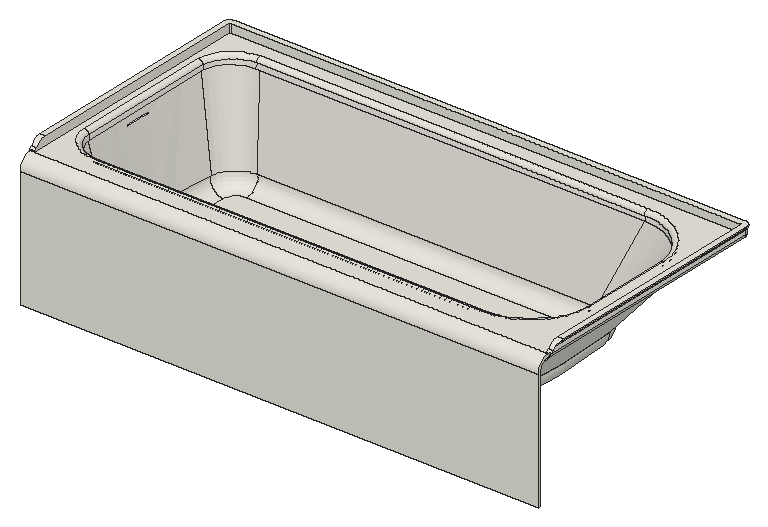
Revit family "Bath-Alcove-KOHLER-AVEC-K-25834", category Plumbing Fixtures, host Face, Revit 2021
Family settings
  Host = Face
  Round Connector Dimension = Use Diameter
  Part Type = Normal
  OmniClass Number = 23.31.15.00
  OmniClass Title = Bathtubs
  Cut with Voids When Loaded = No
  Shared = No
  Room Calculation Point = No
Parameters (values of type "Left Drain, 96-Biscuit")
  Width = 36"  # constant formula
  WaterSense Certified = 1 = 0  # no
  Waste Water Outlet = "Waste Water Outlet"  # constant formula
  Waste Connection = 1 = 1  # yes
  Vent Connection = 1 = 0  # no
  URL = "https://www.us.kohler.com/us/"
  Type = 2
  Right Drain = or(Type = 4, Type = 5, Type = 6)  # no
  Product Page URL = "http://www.us.kohler.com/us/catalog/productDetails.jsp?productId=25834-LA"
  Product Name = "AVEC\r\n"  # constant formula
  Product Documentation Link = "https://www.us.kohler.com/webassets/kpna/catalog/pdf/en/K-25834-LA_spec_US-CA_Kohler_en.pdf"
  Model = if(Type = 1, "K-25834-LA-0", if(Type = 2, "K-25834-LA-96", if(Type = 3, "K-25834-LA-NY", if(Type = 4, "K-25834-RA-0", if(Type = 5, "K-25834-RA-96", if(Type = 6, "K-25834-RA-NY", "NA"))))))  # "K-25834-LA-96"
  Material = "Acrylic\r\n"  # constant formula
  Master Format 2014 Name = "Residential Bathtubs"  # constant formula
  Master Format 2014 = "22 41 19"  # constant formula
  Manufacturer Address = "444 Highland Dr, Kohler, WI 53044"  # constant formula
  Manufacturer = "Kohler Co."  # constant formula
  Length = 72"  # constant formula
  Left Drain = or(Type = 1, Type = 2, Type = 3)  # yes
  Hot Water Inlet = "Hot Water Inlet"  # constant formula
  Height = 19.37402"  # constant formula
  HW Connection = 1 = 0  # no
  Finish = KOHLER-Acrylic-96-Biscuit
  Environmental Product Declaration = ""
  Drain Included = 1 = 0  # no
  Distance 1 = if(Right Drain, 10.47244", 61.52756")  # 61.52756"
  Description = if(or(Type = 1, Type = 2, Type = 3), "NEW CORE 60 X 30 INCH IA BATH LEFT HAND DRAIN", "NEW CORE 60 X 30 INCH IA BATH RIGHT HAND DRAIN")  # "NEW CORE 60 X 30 INCH IA BATH LEFT HAND DRAIN"
  Default Elevation = 0"
  Declare Label = ""
  Date Modified = "01/09/2023"  # constant formula
  Date Created = "01/09/2023"  # constant formula
  Copyright = "Copyright Kohler Co."  # constant formula
  Contact Us = "https://www.us.kohler.com/us/static/contact.jsp"
  Cold Water Inlet = "Cold Water Inlet"  # constant formula
  CW Connection = 1 = 0  # no
  Assembly Code = "D2010500"
  ADA Compliant = 1 = 0  # no
Types (7): name | Type | Right Drain | Product Page URL | Product Documentation Link | Model | Left Drain | Finish | Distance 1 | Description
  (no name) | 2 | no | "http://www.us.kohler.com/us/catalog/productDetails.jsp?productId=25834-LA" | "https://www.us.kohler.com/webassets/kpna/catalog/pdf/en/K-25834-LA_spec_US-CA_Kohler_en.pdf" | "K-25834-LA-96" | yes | KOHLER-Acrylic-96-Biscuit | 61.52756" | "NEW CORE 60 X 30 INCH IA BATH LEFT HAND DRAIN"
  Right Drain, 0-White | 4 | yes | "http://www.us.kohler.com/us/catalog/productDetails.jsp?productId=25834-RA" | "https://www.us.kohler.com/webassets/kpna/catalog/pdf/en/K-25834-RA_spec_US-CA_Kohler_en.pdf" | "K-25834-RA-0" | no | KOHLER-Acrylic-0-White | 10.47244" | "NEW CORE 60 X 30 INCH IA BATH RIGHT HAND DRAIN"
  Left Drain, 0-White | 1 | no | "http://www.us.kohler.com/us/catalog/productDetails.jsp?productId=25834-LA" | "https://www.us.kohler.com/webassets/kpna/catalog/pdf/en/K-25834-LA_spec_US-CA_Kohler_en.pdf" | "K-25834-LA-0" | yes | KOHLER-Acrylic-0-White | 61.52756" | "NEW CORE 60 X 30 INCH IA BATH LEFT HAND DRAIN"
  Left Drain, 96-Biscuit | 2 | no | "http://www.us.kohler.com/us/catalog/productDetails.jsp?productId=25834-LA" | "https://www.us.kohler.com/webassets/kpna/catalog/pdf/en/K-25834-LA_spec_US-CA_Kohler_en.pdf" | "K-25834-LA-96" | yes | KOHLER-Acrylic-96-Biscuit | 61.52756" | "NEW CORE 60 X 30 INCH IA BATH LEFT HAND DRAIN"
  Left Drain, NY-Dune | 3 | no | "http://www.us.kohler.com/us/catalog/productDetails.jsp?productId=25834-LA" | "https://www.us.kohler.com/webassets/kpna/catalog/pdf/en/K-25834-LA_spec_US-CA_Kohler_en.pdf" | "K-25834-LA-NY" | yes | KOHLER-Acrylic-NY-Dune | 61.52756" | "NEW CORE 60 X 30 INCH IA BATH LEFT HAND DRAIN"
  Right Drain, 96-Biscuit | 5 | yes | "http://www.us.kohler.com/us/catalog/productDetails.jsp?productId=25834-RA" | "https://www.us.kohler.com/webassets/kpna/catalog/pdf/en/K-25834-RA_spec_US-CA_Kohler_en.pdf" | "K-25834-RA-96" | no | KOHLER-Acrylic-96-Biscuit | 10.47244" | "NEW CORE 60 X 30 INCH IA BATH RIGHT HAND DRAIN"
  Right Drain, NY-Dune | 6 | yes | "http://www.us.kohler.com/us/catalog/productDetails.jsp?productId=25834-RA" | "https://www.us.kohler.com/webassets/kpna/catalog/pdf/en/K-25834-RA_spec_US-CA_Kohler_en.pdf" | "K-25834-RA-NY" | no | KOHLER-Acrylic-NY-Dune | 10.47244" | "NEW CORE 60 X 30 INCH IA BATH RIGHT HAND DRAIN"
Reference planes (in)
  plane 1 "Center (Front/Back)": y = 0
  plane 2: z = 0
  plane 3 "Center (Left/Right)": x = 0
  plane 4: z = 17.99213
  plane 5: z = 0
  plane 6: z = 0
  plane 7: z = 1.85773
  plane 8: x = -36.00068
  plane 9: y = 16.62598
  plane 10: x = 35.99932
  plane 11: y = -19.37402
  plane 12: x = -25.52688
  plane 13 "1": x = -25.52824
  plane 14: y = 13.37402
  plane 15: y = -16.12205
  plane 16: y = -17.47244
  plane 17: y = 14.72441
  plane 18: x = 33.05906
  plane 19: z = 19.37402
  plane 20: z = 1.41482
Forms (in)
  Revolve 1, solid, material "KOHLER-Acrylic-96-Biscuit" <- "Finish", detail levels medium+fine
    sketch origin (-25.52824, 0, 0) x (0, -1, 0) y (0, 0, 1)
      loop
        line (0, 1.44168) -> (0, 1.88066) -> (-0.22049, 1.88066) -> (-0.22049, 1.44168) -> (0, 1.44168)
      axis (0, 1.88066) -> (0, 1.44168)
    angle from 0 to 360
Dimensions and locks (in)
  "Length": plane 8 to plane 10
  "Width": plane 11 to plane 9
  plane 17 to plane 9 = 1.90157"
  plane 17 to plane 16 = 32.19685"
  plane 15 to plane 14 = 29.49606"
  plane 11 to plane 1 "Center (Front/Back)" = 19.37402"
  "Distance 1": plane 13 "1" to plane 10
  "Height": plane 19 to level
  aligned and locked: plane 2 to host face
  aligned and locked: level to host face
Automatic sketch dimensions
  host sketch curve to host sketch curve = 96"  (x2)
  Revolve 1 sketch curve to plane 1 "Center (Front/Back)" = 0"  (x2)
  Revolve 1 sketch curve to plane 7 = 0.02292"
  Revolve 1 sketch curve to Revolve 1 sketch curve = 0.22049"
  plane 7 to Revolve 1 sketch curve = 0.41606"
  Revolve 1 sketch curve to Revolve 1 sketch curve = 0.02686"
  Revolve 1 sketch curve to Revolve 1 sketch curve = 0.18686"
Nested families (in)
  nested 1: "K-25834" at (0, -1.37402, 0), visible <- "Left Drain", type "K-25834"
  nested 2: "K-25834" at (0, -1.37402, 0) x (-1, 0, 0) z (0, 0, 1), visible <- "Right Drain", type "K-25834"
Connectors (in)
  piping at (-25.52824, 0, 1.44168), diameter 1.5, driven by "Waste Connection", driven by "Waste Water Outlet"
    settings: on Revolve 1, index 1, connector inside diameter 24", connector length 0", flow factor 0, pipe flow 0 GPM, pressure drop 0.00 psi, fitting loss kfactor 0, connector angle 0.00°, fixture units 0, engagement length 0", angle of deflection 0.00°, flow configuration 0, flow direction 2, fitting loss method 0, system type 16, joint type 0, gender type 0, connector reference index -1, connector utility 1, adjustable connector no, is connector primary yes, connector description "Waste Water Outlet"
Definition of nested family "K-25834"
  Parameters (values of type "K-25834")
    Material = none
    Default Elevation = 0"
  Reference planes (in)
    plane 1 "Center (Front/Back)": y = 0
    plane 2: z = 0
    plane 3 "Center (Left/Right)": x = 0
    plane 4: x = -36
    plane 5: x = 36
    plane 6: y = 18
    plane 7: y = -18
    plane 8: y = 16.09843
    plane 9: x = 27.74803
    plane 10: x = -27.74803
    plane 11: x = -33.05906
    plane 12: x = 33.05906
    plane 13: y = -14.74803
    plane 14: y = 14.74803
    plane 15: y = 12.41732
    plane 16: y = -12.41732
    plane 17: z = 18
    plane 18: z = 18.12205
    plane 19: z = 19.37402
    plane 20: y = -16.09843
    plane 21: y = 1.37402
    plane 22: x = -25.52688
  Forms (in)
    Blend 1, solid, material <- "Material", detail levels medium+fine
      base sketch origin (0, 0, 0) x (1, 0, 0) y (0, 1, 0)
        loop
          arc (22.83028, -6.8197) -> (23.25327, 1.62242) -> (22.75261, 10.06029) r 77.35443
          arc (22.75261, 10.06029) -> (21.33294, 12.79962) -> (18.44998, 13.89868) r 4.33071
          line (18.44998, 13.89868) -> (-28.26401, 13.89868)
          arc (-28.26401, 13.89868) -> (-31.15505, 12.7924) -> (-32.56906, 10.03876) r 4.33071
          arc (-32.56906, 10.03876) -> (-33.03118, 1.603) -> (-32.57796, -6.83325) r 77.97703
          arc (-32.57796, -6.83325) -> (-31.16516, -9.5899) -> (-28.27242, -10.6977) r 4.33071
          line (-28.27242, -10.6977) -> (18.5233, -10.6977)
          arc (18.5233, -10.6977) -> (21.4211, -9.58535) -> (22.83028, -6.8197) r 4.33071
      top sketch origin (0, 0, 0) x (1, 0, 0) y (0, 1, 0)
        loop
          arc (-29.46928, 16.35098) -> (-33.19833, 14.89802) -> (-34.96136, 11.30516) r 5.51181
          arc (-34.96136, 11.30516) -> (-35.44011, 0) -> (-34.96136, -11.30516) r 133.71831
          arc (-34.96136, -11.30516) -> (-33.19833, -14.89802) -> (-29.46928, -16.35098) r 5.51181
          line (-29.46928, -16.35098) -> (26.49691, -16.35098)
          arc (26.49691, -16.35098) -> (31.84306, -14.25786) -> (34.34692, -9.09132) r 7.87402
          arc (34.34692, -9.09132) -> (34.70213, 0) -> (34.34692, 9.09132) r 116.5203
          arc (34.34692, 9.09132) -> (31.84306, 14.25786) -> (26.49691, 16.35098) r 7.87402
          line (26.49691, 16.35098) -> (-29.46928, 16.35098)
      from 4.9249 to 17.85675
    Blend 2, void
      base sketch origin (0, 0, 0) x (1, 0, 0) y (0, 1, 0)
        loop
          arc (-31.79513, -6.74847) -> (-30.6392, -9.00392) -> (-28.27242, -9.9103) r 3.54331
          line (-28.27242, -9.9103) -> (17.7359, -9.9103)
          arc (17.7359, -9.9103) -> (20.10682, -9.00019) -> (21.25979, -6.73739) r 3.54331
          arc (21.25979, -6.73739) -> (21.67847, 1.6188) -> (21.18291, 9.97078) r 76.56702
          arc (21.18291, 9.97078) -> (20.02136, 12.21205) -> (17.66258, 13.11128) r 3.54331
          line (17.66258, 13.11128) -> (-28.26401, 13.11128)
          arc (-28.26401, 13.11128) -> (-30.62941, 12.20614) -> (-31.78632, 9.95317) r 3.54331
          arc (-31.78632, 9.95317) -> (-32.24378, 1.60259) -> (-31.79513, -6.74847) r 77.18962
      top sketch origin (0, 0, 0) x (1, 0, 0) y (0, 1, 0)
        loop
          line (-29.28933, -13.38894) -> (24.21787, -13.38894)
          arc (24.21787, -13.38894) -> (29.87244, -11.15288) -> (32.46839, -5.65422) r 8.26772
          arc (32.46839, -5.65422) -> (32.67355, 0.78661) -> (32.45776, 7.22709) r 98.647
          arc (32.45776, 7.22709) -> (29.85752, 12.71724) -> (24.20747, 14.94882) r 8.26838
          line (24.20747, 14.94882) -> (-29.26602, 14.94882)
          arc (-29.26602, 14.94882) -> (-32.46485, 13.70112) -> (-33.97409, 10.61705) r 4.72441
          arc (-33.97409, 10.61705) -> (-34.38938, 0.78625) -> (-33.99835, -9.04555) r 120.07223
          arc (-33.99835, -9.04555) -> (-32.49245, -12.13729) -> (-29.28933, -13.38894) r 4.72441
      from 3.55617 to 17.85675
    Sweep 3, solid, material <- "Material", detail levels medium+fine
      path origin (0, 0, 0) x (1, 0, 0) y (0, 1, 0)
        loop
          line (-29.28933, -13.38894) -> (24.21787, -13.38894)
          arc (24.21787, -13.38894) -> (29.87244, -11.15288) -> (32.46839, -5.65422) r 8.26772
          arc (32.46839, -5.65422) -> (32.67967, 0.66796) -> (32.49749, 6.99104) r 101.70006
          arc (32.49749, 6.99104) -> (29.85152, 12.64618) -> (24.04811, 14.94882) r 8.46457
          line (24.04811, 14.94882) -> (-29.29817, 14.94882)
          arc (-29.29817, 14.94882) -> (-32.50292, 13.69567) -> (-34.00754, 10.60102) r 4.72441
          arc (-34.00754, 10.60102) -> (-34.39741, 0.77755) -> (-33.99835, -9.04555) r 122.51254
          arc (-33.99835, -9.04555) -> (-32.49245, -12.13729) -> (-29.28933, -13.38894) r 4.72441
      profile origin (-32.49245, -12.13729, 0) x (-0.677994, -0.735067, 0) y (0, 0, 1)
        loop
          line (-0.51485, 17.1063) -> (-0.0141, 17.1063) -> (0.09395, 17.71907)
          arc (0.09395, 17.71907) -> (0.16128, 17.83568) -> (0.28781, 17.88174) r 0.19685
          line (0.28781, 17.88174) -> (0.61476, 17.88174) -> (0.61476, 18.2874) -> (0.20625, 18.2874)
          arc (0.20625, 18.2874) -> (-0.22164, 18.1259) -> (-0.43612, 17.72196) r 0.6476
          line (-0.43612, 17.72196) -> (-0.51485, 17.1063)
    Sweep 4, solid, material <- "Material", detail levels medium+fine
      path origin (0, 0, 0) x (1, 0, 0) y (0, 1, 0)
        loop
          line (-36, -16.19105) -> (-36, 17.01575)
          arc (-36, 17.01575) -> (-35.71172, 17.71172) -> (-35.01575, 18) r 0.98425
          line (-35.01575, 18) -> (35.01575, 18)
          arc (35.01575, 18) -> (35.71172, 17.71172) -> (36, 17.01575) r 0.98425
          line (36, 17.01575) -> (36, -16.87448)
      profile origin (0, 18, 0) x (0, 1, 0) y (0, 0, 1)
        loop
          arc (-0.13241, 18.98653) -> (-0.09546, 19.10863) -> (0.00297, 19.18977) r 0.22025
          line (0.00297, 19.18977) -> (0.00297, 19.38662) -> (-0.80424, 19.38662) -> (-0.80424, 17.85675) -> (-0.64381, 17.85675)
          arc (-0.64381, 17.85675) -> (-0.28219, 18.00654) -> (-0.13241, 18.36816) r 0.51141
          line (-0.13241, 18.36816) -> (-0.13241, 18.98653)
    Extrusion 5, void
      sketch origin (0, -3.59252, 0) x (0, 1, 0) y (0, 0, 1)
        loop
          line (-10.45593, 19.40404) -> (-9.38842, 19.40404) -> (-9.38842, 19.6378) -> (-13.71431, 19.6378) -> (-13.71431, 17.27355) -> (-12.38136, 18.6065)
          arc (-12.38136, 18.6065) -> (-11.49797, 19.19676) -> (-10.45593, 19.40404) r 2.72297
      from -45.88458 to 42.94494
    Extrusion 6, solid, material <- "Material", detail levels medium+fine
      sketch origin (0, -3.14961, 0) x (0, 1, 0) y (0, 0, 1)
        loop
          line (-15.03515, 0.12398) -> (-14.78909, 0.12398) -> (-14.78909, 16.55262)
          arc (-14.78909, 16.55262) -> (-14.3855, 17.52698) -> (-13.41114, 17.93057) r 1.37795
          line (-13.41114, 17.93057) -> (-13.04144, 17.93057) -> (-13.04144, 18.2874) -> (-13.17865, 18.2874)
          arc (-13.17865, 18.2874) -> (-14.4914, 17.74365) -> (-15.03515, 16.4309) r 1.8565
          line (-15.03515, 16.4309) -> (-15.03515, 0.12398)
      from -35.63213 to 35.57422
    Extrusion 7, solid, material <- "Material", detail levels medium+fine
      sketch origin (0, 0, 0) x (1, 0, 0) y (0, 1, 0)
        loop
          line (18.22872, 10.67847) -> (14.68541, 10.67847) -> (14.68541, 9.16176) -> (18.22872, 9.16176) -> (18.22872, 10.67847)
        loop
          line (18.17951, -6.79201) -> (14.6362, -6.79201) -> (14.6362, -8.30871) -> (18.17951, -8.30871) -> (18.17951, -6.79201)
        loop
          line (-23.30671, -6.79201) -> (-26.85002, -6.79201) -> (-26.85002, -8.30871) -> (-23.30671, -8.30871) -> (-23.30671, -6.79201)
        loop
          line (-23.30671, 10.67847) -> (-26.85002, 10.67847) -> (-26.85002, 9.16176) -> (-23.30671, 9.16176) -> (-23.30671, 10.67847)
      from 0.0037 to 2.55082
    Extrusion 8, void
      sketch origin (-116.071, 0, -1.4795) x (0, 1, 0) y (0, 0, 1)
        loop
          line (1.85449, 17.14811) -> (-1.85449, 17.14811)
          arc (-1.85449, 17.14811) -> (-1.9726, 17.03) -> (-1.85449, 16.91189) r 0.11811
          line (-1.85449, 16.91189) -> (1.85449, 16.91189)
          arc (1.85449, 16.91189) -> (1.9726, 17.03) -> (1.85449, 17.14811) r 0.11811
      from 81.52254 to 83.41389
    Sweep 9, solid, material <- "Material", detail levels medium+fine
      path origin (0, 0, 0) x (1, 0, 0) y (0, 1, 0)
        loop
          arc (22.75261, 10.06029) -> (21.33294, 12.79962) -> (18.44998, 13.89868) r 4.33071
          line (18.44998, 13.89868) -> (-28.26401, 13.89868)
          arc (-28.26401, 13.89868) -> (-31.15505, 12.7924) -> (-32.56906, 10.03876) r 4.33071
          arc (-32.56906, 10.03876) -> (-33.03118, 1.603) -> (-32.57796, -6.83325) r 77.97703
          arc (-32.57796, -6.83325) -> (-31.16516, -9.5899) -> (-28.27242, -10.6977) r 4.33071
          line (-28.27242, -10.6977) -> (18.5233, -10.6977)
          arc (18.5233, -10.6977) -> (21.4211, -9.58535) -> (22.83028, -6.8197) r 4.33071
          arc (22.83028, -6.8197) -> (23.25327, 1.62242) -> (22.75261, 10.06029) r 77.35443
      profile origin (23.25327, 1.62242, 0) x (0.999989, 0.004601, 0) y (0, 0, 1)
        loop
          line (0, 4.78839) -> (0, 4.9249) -> (-0.39844, 4.9249)
          arc (-0.39844, 4.9249) -> (-0.92281, 3.44558) -> (-2.3622, 2.81989) r 1.9685
          line (-2.3622, 2.81989) -> (-3.54331, 2.81989) -> (-3.54331, 2.42619) -> (-2.3622, 2.42619)
          arc (-2.3622, 2.42619) -> (-0.69187, 3.11806) -> (0, 4.78839) r 2.3622
    Extrusion 10, solid, material <- "Material", detail levels medium+fine
      sketch origin (0, 0, 0) x (1, 0, 0) y (0, 1, 0)
        loop
          arc (18.5233, -7.1544) -> (19.05017, -6.95215) -> (19.30638, -6.44931) r 0.7874
          arc (19.30638, -6.44931) -> (19.71, 1.60612) -> (19.23228, 9.65748) r 73.81112
          arc (19.23228, 9.65748) -> (18.97415, 10.15554) -> (18.44998, 10.35537) r 0.7874
          line (18.44998, 10.35537) -> (-28.26401, 10.35537)
          arc (-28.26401, 10.35537) -> (-28.78966, 10.15423) -> (-29.04675, 9.65357) r 0.7874
          arc (-29.04675, 9.65357) -> (-29.48787, 1.60113) -> (-29.05525, -6.45177) r 74.43372
          arc (-29.05525, -6.45177) -> (-28.79837, -6.95298) -> (-28.27242, -7.1544) r 0.7874
          line (-28.27242, -7.1544) -> (18.5233, -7.1544)
      from 2.42619 to 2.81989
    Revolve 11, void
      sketch origin (-5.90551, 1.37402, 0) x (1, 0, 0) y (0, 0, 1)
        loop
          line (-19.47212, 2.47443) -> (-18.46479, 2.47443)
          arc (-18.46479, 2.47443) -> (-18.26636, 2.52115) -> (-18.10963, 2.6515) r 0.4447
          line (-18.10963, 2.6515) -> (-17.83514, 3.01577) -> (-19.47212, 3.01577) -> (-19.47212, 2.47443)
        axis (-19.47212, 3.01577) -> (-19.47212, 2.47443)
      angle from 0 to 360
    Revolve 12, solid, material <- "Material", detail levels coarse
      sketch origin (-5.90551, 1.37402, 0) x (1, 0, 0) y (0, 0, 1)
        loop
          line (-19.47443, 2.37035) -> (-19.11082, 2.37035) -> (-19.11082, 2.64193) -> (-18.47138, 2.64193) -> (-18.47138, 2.72193) -> (-18.94441, 2.90193) -> (-18.13124, 2.90193)
          arc (-18.13124, 2.90193) -> (-18.08119, 2.94371) -> (-18.11333, 3.00042) r 0.05087
          arc (-18.11333, 3.00042) -> (-18.78273, 3.18543) -> (-19.47443, 3.24763) r 3.86432
          line (-19.47443, 3.24763) -> (-19.47443, 2.37035)
        axis (-19.47443, 3.24763) -> (-19.47443, 2.37035)
      angle from 0 to 360
    Revolve 13, solid, material <- "Material"
      sketch origin (-6.06545, 1.37402, 0) x (1, 0, 0) y (0, 0, 1)
        loop
          line (-19.46143, 1.63853) -> (-18.49039, 1.63853) -> (-18.49039, 1.44168) -> (-18.06813, 1.44168)
          arc (-18.06813, 1.44168) -> (-17.86455, 1.49149) -> (-17.70698, 1.62968) r 0.44088
          line (-17.70698, 1.62968) -> (-17.14926, 2.42619) -> (-19.46143, 2.42619) -> (-19.46143, 1.63853)
        axis (-19.46143, 2.42619) -> (-19.46143, 1.44168)
      angle from 0 to 360
    Blend 14, solid, material <- "Material", detail levels coarse
      base sketch origin (0, 0.18694, 0) x (1, 0, 0) y (0, 1, 0)
        loop
          arc (23.61768, -6.8197) -> (24.04067, 1.62242) -> (23.54001, 10.06029) r 77.35443
          arc (23.54001, 10.06029) -> (22.12034, 12.79962) -> (19.23738, 13.89868) r 4.33071
          line (19.23738, 13.89868) -> (-28.65771, 13.89868)
          arc (-28.65771, 13.89868) -> (-31.54875, 12.7924) -> (-32.96276, 10.03876) r 4.33071
          arc (-32.96276, 10.03876) -> (-33.42488, 1.603) -> (-32.97166, -6.83325) r 77.97703
          arc (-32.97166, -6.83325) -> (-31.55886, -9.5899) -> (-28.66612, -10.6977) r 4.33071
          line (-28.66612, -10.6977) -> (19.3107, -10.6977)
          arc (19.3107, -10.6977) -> (22.2085, -9.58535) -> (23.61768, -6.8197) r 4.33071
      top sketch origin (0, 0.18694, 0) x (1, 0, 0) y (0, 1, 0)
        loop
          arc (-35.00353, -9.12688) -> (-33.17618, -12.87858) -> (-29.28933, -14.39741) r 5.73287
          line (-29.28933, -14.39741) -> (26.38322, -14.39741)
          arc (26.38322, -14.39741) -> (32.72752, -11.8886) -> (35.6401, -5.71923) r 9.27618
          arc (35.6401, -5.71923) -> (35.86642, 1.37729) -> (35.62946, 8.47347) r 108.81471
          arc (35.62946, 8.47347) -> (32.7125, 14.63415) -> (26.37282, 17.13838) r 9.27684
          line (26.37282, 17.13838) -> (-29.26602, 17.13838)
          arc (-29.26602, 17.13838) -> (-33.14798, 15.62407) -> (-34.97913, 11.88113) r 5.73287
          arc (-34.97913, 11.88113) -> (-35.42169, 1.37762) -> (-35.00353, -9.12688) r 128.40168
      from 2.37035 to 17.85675
    Extrusion 15, solid, material <- "Material", detail levels coarse
      sketch origin (0, 0, 0) x (1, 0, 0) y (0, 1, 0)
        loop
          line (36, 18) -> (-36, 18) -> (-36, -16.72363) -> (36, -16.72363) -> (36, 18)
        loop
          line (18.90291, -14.21047) -> (26.38322, -14.21047)
          arc (26.38322, -14.21047) -> (28.03987, -14.06134) -> (29.64325, -13.61874) r 9.27618
          arc (29.64325, -13.61874) -> (33.83412, -10.45983) -> (35.6401, -5.5323) r 9.27618
          arc (35.6401, -5.5323) -> (35.86642, 1.56423) -> (35.62946, 8.66041) r 108.81471
          arc (35.62946, 8.66041) -> (33.25627, 14.26763) -> (27.91783, 17.19576) r 9.27684
          line (27.91783, 17.19576) -> (-30.47793, 17.19576)
          arc (-30.47793, 17.19576) -> (-33.57441, 15.37445) -> (-34.97913, 12.06807) r 5.73287
          arc (-34.97913, 12.06807) -> (-35.42169, 1.56456) -> (-35.00353, -8.93994) r 128.40168
          arc (-35.00353, -8.93994) -> (-33.17618, -12.69164) -> (-29.28933, -14.21047) r 5.73287
          line (-29.28933, -14.21047) -> (18.90291, -14.21047)
      from 16.70063 to 17.85675
    Extrusion 16, solid, material <- "Material", detail levels coarse
      sketch origin (0, 0, 0) x (1, 0, 0) y (0, 1, 0)
        loop
          line (36, -16.72363) -> (36, 18.00297) -> (-36, 18.00297) -> (-36, -16.19105) -> (-35.19576, -16.19105) -> (-35.19576, 17.19576) -> (35.19576, 17.19576) -> (35.19576, -16.72363) -> (36, -16.72363)
      from 17.85675 to 19.38662
    Extrusion 17, solid, material <- "Material", detail levels coarse
      sketch origin (0, 0, 0) x (0, 1, 0) y (0, 0, 1)
        loop
          line (-18.10479, 16.41732) -> (-18.10479, 0) -> (-17.85873, 0) -> (-17.85873, 16.40536)
          arc (-17.85873, 16.40536) -> (-17.53492, 17.26749) -> (-16.72363, 17.7033) r 1.30962
          line (-16.72363, 17.7033) -> (-16.72363, 17.86445)
          arc (-16.72363, 17.86445) -> (-17.70408, 17.41755) -> (-18.10479, 16.41732) r 1.4487
      from -36 to 36
    Extrusion 18, solid, material <- "Material", detail levels coarse
      sketch origin (0, 0, 0) x (1, 0, 0) y (0, 1, 0)
        loop
          line (13.30746, 9.89107) -> (9.76415, 9.89107) -> (9.76415, 8.37436) -> (13.30746, 8.37436) -> (13.30746, 9.89107)
        loop
          line (13.25825, -5.6109) -> (9.71494, -5.6109) -> (9.71494, -7.12761) -> (13.25825, -7.12761) -> (13.25825, -5.6109)
        loop
          line (-18.28703, -5.6109) -> (-21.83034, -5.6109) -> (-21.83034, -7.12761) -> (-18.28703, -7.12761) -> (-18.28703, -5.6109)
        loop
          line (-18.28703, 9.89107) -> (-21.83034, 9.89107) -> (-21.83034, 8.37436) -> (-18.28703, 8.37436) -> (-18.28703, 9.89107)
      from 0 to 2.55082
    Extrusion 19, solid, material <- "Material", detail levels medium+fine
      sketch origin (0, 0, 0) x (1, 0, 0) y (0, 1, 0)
        loop
          arc (33.08187, -5.69385) -> (33.29442, 0.66654) -> (33.11115, 7.02785) r 102.31482
          arc (33.11115, 7.02785) -> (30.27301, 13.0937) -> (24.04811, 15.56358) r 9.07933
          line (24.04811, 15.56358) -> (-29.29817, 15.56358)
          arc (-29.29817, 15.56358) -> (-32.91993, 14.14736) -> (-34.62035, 10.65002) r 5.33917
          arc (-34.62035, 10.65002) -> (-35.01217, 0.77726) -> (-34.61111, -9.09513) r 123.1273
          arc (-34.61111, -9.09513) -> (-32.90926, -12.58918) -> (-29.28933, -14.0037) r 5.33917
          line (-29.28933, -14.0037) -> (24.21787, -14.0037)
          arc (24.21787, -14.0037) -> (30.2929, -11.60138) -> (33.08187, -5.69385) r 8.88248
        loop
          arc (-35.01575, 17.19576) -> (-35.14303, 17.14303) -> (-35.19576, 17.01575) r 0.18001
          line (-35.19576, 17.01575) -> (-35.19576, -16.19105) -> (35.19576, -16.19105) -> (35.19576, 17.01575)
          arc (35.19576, 17.01575) -> (35.14303, 17.14303) -> (35.01575, 17.19576) r 0.18001
          line (35.01575, 17.19576) -> (-35.01575, 17.19576)
      from 17.86277 to 18.2874
  Cuts and joins
    Revolve 11 cuts Sweep 9
    Revolve 11 cuts Extrusion 10
    joined: Sweep 3, Extrusion 6, Sweep 9, Extrusion 10, Extrusion 19
    Blend 2 cuts Blend 14
    joined: Blend 14, Extrusion 15, Extrusion 16, Extrusion 17, Extrusion 18
    Blend 2, Extrusion 8 cuts Blend 1
    Extrusion 5 cuts Sweep 4
  Lines and regions (in)
    Masking region 1
      outline origin (0, 0, 0) x (1, 0, 0) y (0, 1, 0)
        loop
          line (-36, 18) -> (-36, -18) -> (36, -18) -> (36, 18) -> (-36, 18)
    Masking region 2
      outline origin (0, 0, 0) x (1, 0, 0) y (0, 0, 1)
        loop
          line (0, 0) -> (36, 0) -> (36, 19.37402) -> (0, 19.37402) -> (-36, 19.37402) -> (-36, 0) -> (0, 0)
    Masking region 3
      outline origin (0, 0, 0) x (0, 1, 0) y (0, 0, 1)
        loop
          line (-18, 0) -> (-17.64429, 0) -> (-17.64429, 16.85815)
          arc (-17.64429, 16.85815) -> (-17.41366, 17.41492) -> (-16.85689, 17.64555) r 0.7874
          line (-16.85689, 17.64555) -> (-14.36514, 17.64555) -> (-10.47316, 4.0416)
          arc (-10.47316, 4.0416) -> (-9.71349, 2.87596) -> (-8.42948, 2.34011) r 2.3622
          line (-8.42948, 2.34011) -> (-9.30745, 2.34011) -> (-9.30745, 2.05009) -> (-7.15317, 1.93592) -> (-7.15317, 0) -> (-5.57837, 0) -> (-5.57837, 1.90843) -> (-0.67429, 1.82283) -> (-0.60916, 1.71003)
          arc (-0.60916, 1.71003) -> (-0.393, 1.49387) -> (-0.09772, 1.41475) r 0.59055
          line (-0.09772, 1.41475) -> (2.40284, 1.41475)
          arc (2.40284, 1.41475) -> (2.69812, 1.49387) -> (2.91427, 1.71003) r 0.59055
          line (2.91427, 1.71003) -> (2.9943, 1.84863) -> (8.37436, 1.94254) -> (8.37436, 0) -> (9.89107, 0) -> (9.89107, 1.9955) -> (11.69192, 2.05839) -> (11.69192, 2.34011)
          arc (11.69192, 2.34011) -> (13.00684, 2.90215) -> (13.75654, 4.11987) r 2.3622
          line (13.75654, 4.11987) -> (17.12887, 17.64555) -> (17.38734, 17.67728)
          arc (17.38734, 17.67728) -> (17.75766, 17.87212) -> (17.90592, 18.26343) r 0.59055
          line (17.90592, 18.26343) -> (17.90592, 19.05084)
          arc (17.90592, 19.05084) -> (17.93148, 19.13758) -> (18, 19.19661) r 0.15997
          line (18, 19.19661) -> (18, 19.37402) -> (-15.20058, 19.37402)
          arc (-15.20058, 19.37402) -> (-15.45593, 19.32322) -> (-15.6724, 19.17858) r 0.66725
          line (-15.6724, 19.17858) -> (-16.24974, 18.60124)
          arc (-16.24974, 18.60124) -> (-16.43779, 18.47665) -> (-16.65954, 18.43525) r 0.56698
          arc (-16.65954, 18.43525) -> (-17.6061, 18.05616) -> (-18, 17.11566) r 1.31975
          line (-18, 17.11566) -> (-18, 0)
    symbolic lines, detail levels medium+fine
      curve 1: line (0, -17.26818, 0) -> (-35.59886, -17.26818, 0)
      curve 2: line (-35.40238, -16.59476, 0) -> (-35.40238, 16.20847, 0)
      curve 3: line (-34.22127, 17.38957, 0) -> (34.22589, 17.38957, 0)
      curve 4: line (35.40699, -16.59476, 0) -> (35.40699, 16.20847, 0)
      curve 5: arc (-35.99932, -17.66188, 0) -> (-35.56176, -17.20613, 0) -> (-35.40238, -16.59476, 0) r 1.25228
      curve 6: arc (-21.94702, 10.27711, 0) -> (-22.27179, 7.64727, 0) -> (-22.33819, 4.99827, 0) r 27.10162
      curve 7: arc (-20.67003, 11.41716, 0) -> (-3.4793, 12.06569, 0) -> (13.72351, 11.9961, 0) r 412.04575
      curve 8: arc (-21.94702, 10.27711, 0) -> (-21.50703, 11.06949, 0) -> (-20.67003, 11.41716, 0) r 1.37795
      curve 9: arc (15.97113, 10.14465, 0) -> (15.16654, 11.4579, 0) -> (13.72351, 11.9961, 0) r 2.3622
      curve 10: arc (-23.74485, 1.37402, 0) -> (-25.52688, 3.15604, 0) -> (-27.30891, 1.37402, 0) r 1.78203
      curve 11: arc (-27.30891, 1.37402, 0) -> (-25.52688, -0.40801, 0) -> (-23.74485, 1.37402, 0) r 1.78203
      curve 12: circle (-25.52688, 1.37402, 0) r 2.013 normal (0, 0, 1)
      curve 14: circle (-25.52688, 1.37402, 0) r 1.48875 normal (0, 0, 1)
      curve 19: arc (30.85819, 9.44922, 0) -> (30.23285, 11.14797, 0) -> (28.96775, 12.4427, 0) r 4.33071
      curve 20: spline (28.96775, 12.4427, 0) -> (28.50728, 12.73269, 0) -> (28.03321, 12.99986, 0) -> (27.54666, 13.24357, 0) -> (27.04881, 13.46324, 0) -> (26.54082, 13.65836, 0) -> (26.02392, 13.82846, 0) -> (25.49933, 13.97313, 0) -> (24.96831, 14.09202, 0) -> (24.43211, 14.18485, 0) -> (23.89203, 14.25141, 0) -> (23.34934, 14.29153, 0) -> (22.80534, 14.30512, 0)
      curve 21: line (22.80534, 14.30512, 0) -> (20.84289, 14.30512, 0)
      curve 22: spline (-29.66301, 14.30512, 0) -> (-30.11435, 14.27779, 0) -> (-30.5591, 14.19619, 0) -> (-30.99074, 14.06152, 0) -> (-31.40299, 13.87574, 0) -> (-31.7898, 13.64158, 0) -> (-32.14552, 13.36245, 0) -> (-32.46497, 13.04243, 0) -> (-32.74346, 12.6862, 0) -> (-32.97693, 12.29897, 0) -> (-33.16196, 11.88639, 0) -> (-33.29585, 11.45451, 0) -> (-33.37665, 11.00962, 0)
      curve 23: spline (-33.37665, 11.00962, 0) -> (-33.47958, 10.09628, 0) -> (-33.56981, 9.18161, 0) -> (-33.64732, 8.26577, 0) -> (-33.7121, 7.34894, 0) -> (-33.76413, 6.43131, 0) -> (-33.80341, 5.51303, 0) -> (-33.82992, 4.5943, 0) -> (-33.84367, 3.67529, 0) -> (-33.84464, 2.75618, 0) -> (-33.83284, 1.83714, 0) -> (-33.80827, 0.91835, 0) -> (-33.77094, 0, 0)
      curve 29: line (0, -17.26818, 0) -> (35.60347, -17.26818, 0)
      curve 30: arc (36.00394, -17.66188, 0) -> (35.56637, -17.20613, 0) -> (35.40699, -16.59476, 0) r 1.25228
      curve 31: arc (-35.40238, 16.20847, 0) -> (-35.05644, 17.04363, 0) -> (-34.22127, 17.38957, 0) r 1.1811
      curve 32: arc (34.22589, 17.38957, 0) -> (35.06105, 17.04363, 0) -> (35.40699, 16.20847, 0) r 1.1811
      curve 33: arc (-36.00086, 16.84823, 0) -> (-35.66294, 17.66405, 0) -> (-34.84712, 18.00197, 0) r 1.15374
      curve 34: line (-36, 0, 18) -> (36, 0, 18)
      curve 35: line (-35.79478, 0, 19.10341) -> (-35.79478, 0, 18)
      curve 36: line (35.83169, 0, 18) -> (35.83169, 0, 19.10341)
      curve 37: line (31.45536, 0, 18) -> (32.43001, 0, 18.37413)
      curve 38: line (33.16979, 0, 18.21689) -> (33.38667, 0, 18)
      curve 39: arc (32.43001, 0, 18.37413) -> (32.82319, 0, 18.40508) -> (33.16979, 0, 18.21689) r 0.69432
      curve 40: arc (-36, 0, 19.36311) -> (-35.85228, 0, 19.26891) -> (-35.79478, 0, 19.10341) r 0.26692
      curve 41: arc (35.83169, 0, 19.10341) -> (35.87742, 0, 19.25869) -> (36, 0, 19.36441) r 0.28652
      curve 42: line (0, 17.90592, 19.07937) -> (0, -12.06243, 19.07937)
      curve 43: line (0, 16.98368, 17.06323) -> (0, -14.19854, 17.06323)
      curve 44: arc (0, -12.48001, 18.9064) -> (0, -12.28842, 19.03442) -> (0, -12.06243, 19.07937) r 0.59055
      curve 45: line (0, 2.65683, 16.03002) -> (0, 0.09777, 16.03002)
      curve 46: line (0, 0.09777, 16.03002) -> (0, 0.09777, 15.66861)
      curve 47: line (0, 0.09777, 15.66861) -> (0, 2.65683, 15.66861)
      curve 48: line (0, 2.65683, 15.66861) -> (0, 2.65683, 16.03002)
      curve 50: arc (31.25307, 3.56557, 0) -> (31.08171, 6.50915, 0) -> (30.85819, 9.44922, 0) r 166.31929
      curve 51: arc (-20.67003, -11.41716, 0) -> (-3.4793, -12.06569, 0) -> (13.72351, -11.9961, 0) r 412.04575
      curve 52: arc (-21.94702, -10.27711, 0) -> (-21.50703, -11.06949, 0) -> (-20.67003, -11.41716, 0) r 1.37795
      curve 53: arc (15.97113, -10.14465, 0) -> (15.16654, -11.4579, 0) -> (13.72351, -11.9961, 0) r 2.3622
      curve 56: arc (30.85819, -9.44922, 0) -> (30.23285, -11.14797, 0) -> (28.96775, -12.4427, 0) r 4.33071
      curve 57: spline (28.96775, -12.4427, 0) -> (28.50728, -12.73269, 0) -> (28.03321, -12.99986, 0) -> (27.54666, -13.24357, 0) -> (27.04881, -13.46324, 0) -> (26.54082, -13.65836, 0) -> (26.02392, -13.82846, 0) -> (25.49933, -13.97313, 0) -> (24.96831, -14.09202, 0) -> (24.43211, -14.18485, 0) -> (23.89203, -14.25141, 0) -> (23.34934, -14.29153, 0) -> (22.80534, -14.30512, 0)
      curve 58: line (22.80534, -14.30512, 0) -> (20.84289, -14.30512, 0)
      curve 59: spline (-29.66301, -14.30512, 0) -> (-30.11435, -14.27779, 0) -> (-30.5591, -14.19619, 0) -> (-30.99074, -14.06152, 0) -> (-31.40299, -13.87574, 0) -> (-31.7898, -13.64158, 0) -> (-32.14552, -13.36245, 0) -> (-32.46497, -13.04243, 0) -> (-32.74346, -12.6862, 0) -> (-32.97693, -12.29897, 0) -> (-33.16196, -11.88639, 0) -> (-33.29585, -11.45451, 0) -> (-33.37665, -11.00962, 0)
      curve 65: arc (-33.37665, -11.00962, 0) -> (-33.80341, -5.51303, 0) -> (-33.77094, 0, 0) r 66.14513
      curve 67: arc (-22.33819, 4.99827, 0) -> (-22.70183, -2.65374, 0) -> (-21.94702, -10.27711, 0) r 52.45339
      curve 68: arc (15.97113, -10.14465, 0) -> (17.07937, 0, 0) -> (15.97113, 10.14465, 0) r 46.98543
      curve 69: arc (31.25307, 3.56557, 0) -> (31.41993, -2.95288, 0) -> (30.85819, -9.44922, 0) r 58.32896
      curve 71: arc (36.00086, 16.84823, 0) -> (35.66294, 17.66405, 0) -> (34.84712, 18.00197, 0) r 1.15374
      curve 72: line (0, 11.69192, 2.34011) -> (0, -8.97243, 2.34011)
      curve 73: line (0, -5.57837, 1.90843) -> (0, -7.15317, 1.93592)
      curve 74: line (0, -0.67429, 1.82283) -> (0, 1.15787, 1.88681)
      curve 75: line (0, 2.9943, 1.84863) -> (0, 1.15787, 1.88681)
      curve 76: line (0, 9.89107, 1.9955) -> (0, 8.37436, 1.94254)
      curve 77: line (0, 17.12887, 17.64555) -> (0, -14.37113, 17.64555)
      curve 78: arc (0, -14.37113, 17.64555) -> (0, -13.36316, 18.18237) -> (0, -12.48001, 18.9064) r 5.79594
      curve 84: line (14.34289, 14.30512, 0) -> (-29.66301, 14.30512, 0)
      curve 85: line (14.34289, 14.30512, 0) -> (20.84289, 14.30512, 0)
      curve 86: line (13.84289, -14.30512, 0) -> (-29.66301, -14.30512, 0)
    symbolic lines
      curve 13: circle (-25.52688, 1.37402, 0) r 1.37795 normal (0, 0, 1)
      curve 15: spline (-29.9009, 4.83389, 0) -> (-29.89855, 5.32065, 0) -> (-29.8915, 5.80736, 0) -> (-29.87975, 6.29398, 0) -> (-29.8633, 6.78046, 0) -> (-29.84216, 7.26677, 0) -> (-29.81632, 7.75284, 0) -> (-29.78579, 8.23864, 0) -> (-29.75057, 8.72413, 0) -> (-29.71066, 9.20925, 0) -> (-29.66607, 9.69396, 0) -> (-29.61681, 10.17822, 0) -> (-29.56287, 10.66198, 0)
      curve 16: spline (-29.56287, 10.66198, 0) -> (-29.5073, 10.99553, 0) -> (-29.41925, 11.32201, 0) -> (-29.29957, 11.63824, 0) -> (-29.1494, 11.94118, 0) -> (-28.97021, 12.22789, 0) -> (-28.76372, 12.49559, 0) -> (-28.53195, 12.74168, 0) -> (-28.27712, 12.9638, 0) -> (-28.00172, 13.15979, 0) -> (-27.7084, 13.32775, 0) -> (-27.4, 13.46605, 0) -> (-27.07952, 13.57337, 0)
      curve 17: line (-27.07952, 13.57337, 0) -> (14.2411, 14.33786, 0)
      curve 18: spline (24.38773, 11.30786, 0) -> (24.59648, 10.38121, 0) -> (24.78493, 9.45022, 0) -> (24.95301, 8.51533, 0) -> (25.10061, 7.57699, 0) -> (25.22768, 6.63564, 0) -> (25.33416, 5.69174, 0) -> (25.41999, 4.74573, 0) -> (25.48513, 3.79808, 0) -> (25.52955, 2.84922, 0) -> (25.55323, 1.89962, 0) -> (25.55616, 0.94973, 0) -> (25.53834, 0, 0)
      curve 24: arc (33.01759, 10.3203, 0) -> (32.30697, 12.2507, 0) -> (30.86935, 13.72199, 0) r 4.92126
      curve 25: line (30.86935, 13.72199, 0) -> (23.00614, 16.09843, 0)
      curve 26: line (23.00614, 16.09843, 0) -> (-29.1974, 16.09843, 0)
      curve 27: line (-29.1974, 16.09843, 0) -> (-33.96302, 11.86723, 0)
      curve 28: line (-33.96302, 11.86723, 0) -> (-34.46389, 0, 0)
      curve 49: arc (33.41362, 3.67606, 0) -> (33.22963, 6.99902, 0) -> (33.01759, 10.3203, 0) r 394.25685
      curve 54: spline (-29.56287, -10.66198, 0) -> (-29.5073, -10.99553, 0) -> (-29.41925, -11.32201, 0) -> (-29.29957, -11.63824, 0) -> (-29.1494, -11.94118, 0) -> (-28.97021, -12.22789, 0) -> (-28.76372, -12.49559, 0) -> (-28.53195, -12.74168, 0) -> (-28.27712, -12.9638, 0) -> (-28.00172, -13.15979, 0) -> (-27.7084, -13.32775, 0) -> (-27.4, -13.46605, 0) -> (-27.07952, -13.57337, 0)
      curve 55: line (-27.07952, -13.57337, 0) -> (13.84289, -14.30512, 0)
      curve 60: arc (33.01759, -10.3203, 0) -> (32.30697, -12.2507, 0) -> (30.86935, -13.72199, 0) r 4.92126
      curve 61: line (30.86935, -13.72199, 0) -> (23.00614, -16.09843, 0)
      curve 62: line (23.00614, -16.09843, 0) -> (-29.1974, -16.09843, 0)
      curve 63: line (-29.1974, -16.09843, 0) -> (-33.96302, -11.86723, 0)
      curve 64: arc (-33.96302, -11.86723, 0) -> (-34.44209, -5.94326, 0) -> (-34.46389, 0, 0) r 77.17676
      curve 66: arc (-29.9009, 4.83389, 0) -> (-30.09654, -2.922, 0) -> (-29.56287, -10.66198, 0) r 82.51267
      curve 70: arc (33.41362, 3.67606, 0) -> (33.61455, -3.33341, 0) -> (33.01759, -10.3203, 0) r 61.60358
      curve 79: arc (20.84289, 14.30512, 0) -> (23.10895, 13.39032, 0) -> (24.38773, 11.30786, 0) r 3.9055
      curve 80: spline (24.38773, -11.30786, 0) -> (24.59648, -10.38121, 0) -> (24.78493, -9.45022, 0) -> (24.95301, -8.51533, 0) -> (25.10061, -7.57699, 0) -> (25.22768, -6.63564, 0) -> (25.33416, -5.69174, 0) -> (25.41999, -4.74573, 0) -> (25.48513, -3.79808, 0) -> (25.52955, -2.84922, 0) -> (25.55323, -1.89962, 0) -> (25.55616, -0.94973, 0) -> (25.53834, 0, 0)
      curve 81: arc (20.84289, -14.30512, 0) -> (23.10895, -13.39032, 0) -> (24.38773, -11.30786, 0) r 3.9055
      curve 82: line (20.84289, -14.30512, 0) -> (13.84289, -14.30512, 0)
      curve 83: line (20.84289, 14.30512, 0) -> (14.34289, 14.30512, 0)
  Dimensions and locks (in)
    locked: plane 7 to plane 6 at 36
    locked: plane 8 to plane 6 at 1.90157
    locked: plane 16 to plane 15 at 24.83465
    locked: plane 13 to plane 14 at 29.49606
    locked: plane 4 to plane 5 at 72
    locked: plane 11 to plane 12 at 66.11811
    locked: plane 10 to plane 9 at 55.49606
    locked: plane 7 to plane 1 "Center (Front/Back)" at 18
    locked: plane 19 to plane 18 at 1.25197
    locked: plane 18 to level at 18.12205
    locked: plane 17 to level at 18
    aligned and locked: level to plane 2
    aligned and locked: Blend 1 to Blend 2
    aligned and locked: plane 5 to Masking region 1 sketch curve
